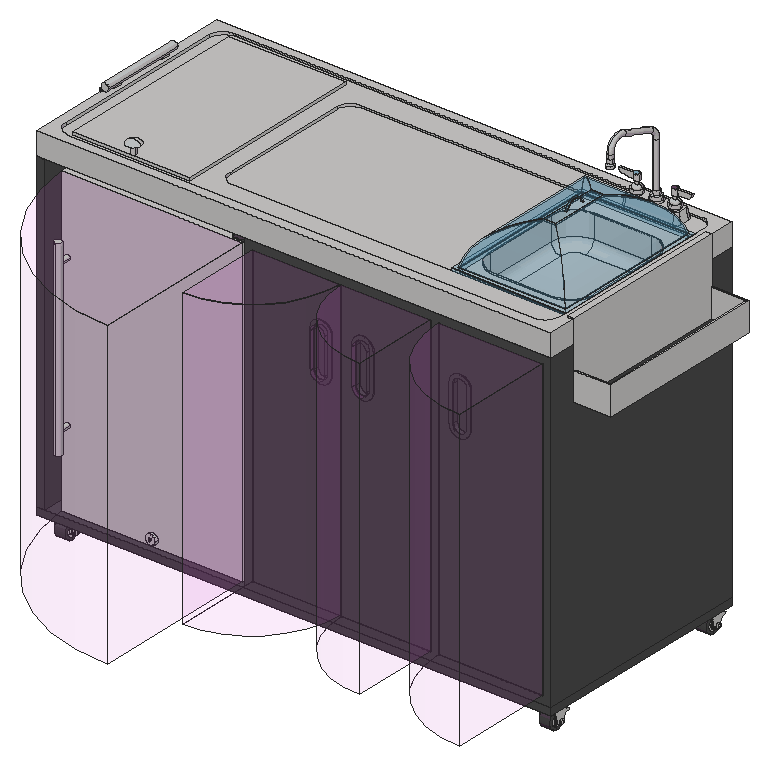
Revit family "QF_Summit_CARTOS54RS_Mobile_Outdoor_Serving_Station_with_Refrigerator", category Specialty Equipment, Revit 2020 (continued)
Automatic sketch dimensions
  curve 169 to curve 168 = 1/2"
  curve 17 to curve 52 = 1.36127"
  curve 168 to curve 17 = 0"
  curve 168 to curve 17 = 0.00258"
  curve 168 to curve 169 = 0"
  curve 170 to curve 171 = 0"
  curve 59 to curve 54 = 0.12794"
  curve 172 to curve 166 = 0.02112"
  curve 165 to curve 40 = 0.00351"
  curve 9 to curve 45 = 0.36948"
  curve 173 to curve 170 = 0.02112"
  curve 169 to curve 52 = 0.00351"
  curve 17 to curve 57 = 0.36948"
  cut or joined group of Extrusion 1, Extrusion 11, Extrusion 12 to Split face 2 sketch curve = 1/16"
  Split face 2 sketch curve to Split face 2 sketch curve = 3/8"
  Split face 2 sketch curve to cut or joined group of Extrusion 1, Extrusion 11, Extrusion 12 = 1 7/8"
  Split face 2 sketch curve to cut or joined group of Extrusion 1, Extrusion 11, Extrusion 12 = 2 1/16"
  cut or joined group of Extrusion 1, Extrusion 11, Extrusion 12 to Split face 3 sketch curve = 1 5/16"
  Split face 3 sketch curve to Split face 3 sketch curve = 3/8"
  Split face 3 sketch curve to cut or joined group of Extrusion 1, Extrusion 11, Extrusion 12 = 1 7/8"
  Split face 3 sketch curve to cut or joined group of Extrusion 1, Extrusion 11, Extrusion 12 = 2 1/16"
  cut or joined group of Extrusion 1, Extrusion 11, Extrusion 12 to Split face 4 sketch curve = 2 9/16"
  Split face 4 sketch curve to Split face 4 sketch curve = 3/8"
  Split face 4 sketch curve to cut or joined group of Extrusion 1, Extrusion 11, Extrusion 12 = 1 7/8"
  Split face 4 sketch curve to cut or joined group of Extrusion 1, Extrusion 11, Extrusion 12 = 2 1/16"
  cut or joined group of Extrusion 1, Extrusion 11, Extrusion 12 to Split face 5 sketch curve = 3 13/16"
  Split face 5 sketch curve to Split face 5 sketch curve = 3/8"
  Split face 5 sketch curve to cut or joined group of Extrusion 1, Extrusion 11, Extrusion 12 = 1 7/8"
  Split face 5 sketch curve to cut or joined group of Extrusion 1, Extrusion 11, Extrusion 12 = 2 1/16"
  cut or joined group of Extrusion 1, Extrusion 11, Extrusion 12 to Split face 6 sketch curve = 5 1/16"
  Split face 6 sketch curve to Split face 6 sketch curve = 3/8"
  Split face 6 sketch curve to cut or joined group of Extrusion 1, Extrusion 11, Extrusion 12 = 1 7/8"
  Split face 6 sketch curve to cut or joined group of Extrusion 1, Extrusion 11, Extrusion 12 = 2 1/16"
  Split face 7 sketch curve to cut or joined group of Extrusion 1, Extrusion 11, Extrusion 12 = 1 7/8"
  cut or joined group of Extrusion 1, Extrusion 11, Extrusion 12 to Split face 7 sketch curve = 6 5/16"
  Split face 7 sketch curve to Split face 7 sketch curve = 3/8"
  Split face 7 sketch curve to cut or joined group of Extrusion 1, Extrusion 11, Extrusion 12 = 2 1/16"
  cut or joined group of Extrusion 1, Extrusion 11, Extrusion 12 to Split face 8 sketch curve = 5 9/16"
  Split face 8 sketch curve to Split face 8 sketch curve = 3/8"
  Split face 8 sketch curve to cut or joined group of Extrusion 1, Extrusion 11, Extrusion 12 = 1 7/8"
  Split face 8 sketch curve to cut or joined group of Extrusion 1, Extrusion 11, Extrusion 12 = 2 1/16"
  cut or joined group of Extrusion 1, Extrusion 11, Extrusion 12 to Split face 9 sketch curve = 4 5/16"
  Split face 9 sketch curve to Split face 9 sketch curve = 3/8"
  Split face 9 sketch curve to cut or joined group of Extrusion 1, Extrusion 11, Extrusion 12 = 1 7/8"
  Split face 9 sketch curve to cut or joined group of Extrusion 1, Extrusion 11, Extrusion 12 = 2 1/16"
  cut or joined group of Extrusion 1, Extrusion 11, Extrusion 12 to Split face 10 sketch curve = 3 1/16"
  Split face 10 sketch curve to Split face 10 sketch curve = 3/8"
  Split face 10 sketch curve to cut or joined group of Extrusion 1, Extrusion 11, Extrusion 12 = 1 7/8"
  Split face 10 sketch curve to cut or joined group of Extrusion 1, Extrusion 11, Extrusion 12 = 2 1/16"
  cut or joined group of Extrusion 1, Extrusion 11, Extrusion 12 to Split face 11 sketch curve = 1 13/16"
  Split face 11 sketch curve to Split face 11 sketch curve = 3/8"
  Split face 11 sketch curve to cut or joined group of Extrusion 1, Extrusion 11, Extrusion 12 = 1 7/8"
  Split face 11 sketch curve to cut or joined group of Extrusion 1, Extrusion 11, Extrusion 12 = 2 1/16"
  cut or joined group of Extrusion 1, Extrusion 11, Extrusion 12 to Split face 12 sketch curve = 9/16"
  cut or joined group of Extrusion 1, Extrusion 11, Extrusion 12 to Split face 12 sketch curve = 3/16"
  Split face 12 sketch curve to cut or joined group of Extrusion 1, Extrusion 11, Extrusion 12 = 1 7/8"
  Split face 12 sketch curve to cut or joined group of Extrusion 1, Extrusion 11, Extrusion 12 = 2 1/16"
  curve 65 to plane 13 = 0"
  plane 1 "BACK" to curve 25 = 0"
  curve 25 to plane 4 "RIGHT" = 0"
  curve 27 to plane 4 "RIGHT" = 0"
  plane 5 "FRONT" to curve 96 = 0"
  curve 26 to plane 3 "LEFT" = 0"
  curve 83 to plane 3 "LEFT" = 0"
  curve 39 to plane 3 "LEFT" = 0"
  curve 71 to plane 13 = 1/8"
  curve 72 to plane 4 "RIGHT" = 1/8"
  plane 4 "RIGHT" to curve 68 = 1/2"
  curve 27 to curve 95 = 7/8"
  curve 65 to curve 31 = 1/2"
  curve 37 to curve 153 = 11/16"
  plane 1 "BACK" to curve 36 = 0.85593"
  curve 30 to curve 36 = 1 1/2"
  curve 33 to plane 5 "FRONT" = 1"
  curve 95 to curve 33 = 1 5/8"
  curve 153 to curve 152 = 2 9/16"
  curve 153 to curve 154 = 2 9/16"
  curve 154 to curve 159 = 4"
  curve 158 to curve 155 = 2"
  curve 152 to curve 150 = 6"
  curve 32 to curve 96 = 7.79303"
  curve 155 to curve 97 = 2 3/8"
  curve 150 to curve 157 = 2 9/16"
  curve 157 to curve 143 = 2 1/16"
  curve 142 to curve 143 = 0"
  curve 135 to curve 139 = 0"
  curve 133 to curve 135 = 0"
  curve 130 to curve 131 = 0"
  curve 157 to curve 111 = 2 1/16"
  curve 109 to curve 111 = 0"  (x2)
  curve 125 to curve 127 = 0"
  curve 121 to curve 123 = 0"
  curve 103 to curve 107 = 0"
  curve 117 to curve 119 = 0"
  plane 7 "Center Y" to curve 98 = 6.24764"
  curve 98 to curve 99 = 2.60353"
  curve 174 to plane 7 "Center Y" = 4 5/16"
  plane 8 "Center X" to curve 111 = 4.08157"
  curve 111 to plane 7 "Center Y" = 8 11/16"
  curve 115 to curve 112 = 0"
  curve 119 to curve 118 = 0"
  curve 106 to curve 107 = 0"
  curve 174 to curve 144 = 4 3/8"
  curve 141 to curve 143 = 0"
  plane 8 "Center X" to curve 123 = 0.33157"
  curve 123 to curve 122 = 0"
  curve 137 to curve 139 = 0"
  curve 127 to curve 126 = 0"
  curve 131 to curve 128 = 0"
  curve 144 to curve 38 = 3/8"
  curve 103 to curve 162 = 3/8"
  curve 100 to curve 101 = 1 1/2"
  curve 86 to plane 5 "FRONT" = 1 5/8"
  curve 101 to curve 86 = 1 11/16"
  curve 85 to curve 89 = 11/16"
  curve 92 to plane 5 "FRONT" = 1 31/32"
  curve 88 to curve 92 = 5 7/16"
  plane 3 "LEFT" to curve 91 = 3 1/8"
  curve 90 to curve 36 = 5/8"
  curve 90 to curve 33 = 5/8"
  curve 36 to curve 85 = 1/16"
  plane 3 "LEFT" to curve 80 = 1 5/8"
  plane 3 "LEFT" to curve 148 = 1"
  plane 3 "LEFT" to curve 149 = 1"
  curve 148 to curve 79 = 1/8"
  curve 77 to plane 3 "LEFT" = 1/8"
  curve 83 to curve 75 = 1/8"
  curve 36 to curve 84 = 0.64407"
  curve 91 to curve 35 = 0.16843"
  curve 31 to curve 65 = 0.45657"
  curve 28 to curve 69 = 1/8"
  plane 1 "BACK" to curve 162 = 3.35593"
  curve 162 to curve 163 = 1 13/16"
  curve 163 to curve 151 = 0"
  curve 103 to curve 111 = 2 1/2"
  curve 104 to curve 104 = 3/8"
  curve 105 to curve 107 = 1/2"
  curve 110 to curve 110 = 3/8"
  plane 8 "Center X" to curve 79 = 4.58157"
  curve 112 to curve 112 = 3/8"
  curve 79 to curve 73 = 1.00954"
  curve 112 to curve 115 = 1/2"
  curve 73 to curve 75 = 3/4"
  curve 118 to curve 118 = 3/8"
  curve 116 to curve 119 = 1/2"
  curve 120 to curve 120 = 3/8"
  curve 126 to plane 8 "Center X" = 0.04343"
  curve 126 to curve 127 = 1/2"
  curve 130 to curve 130 = 3/8"
  curve 128 to curve 131 = 1/2"
  curve 132 to curve 132 = 3/8"
  curve 159 to plane 8 "Center X" = 2.66843"
  curve 77 to plane 8 "Center X" = 2.67796"
  curve 133 to curve 135 = 1/2"
  curve 76 to curve 78 = 3/4"
  curve 138 to curve 138 = 3/8"
  curve 153 to plane 8 "Center X" = 3.91843"
  curve 78 to curve 81 = 1"
  curve 137 to curve 139 = 1/2"
  curve 140 to curve 140 = 3/8"
  curve 141 to curve 143 = 1/2"
  curve 144 to curve 144 = 3/8"
  curve 145 to curve 101 = 3/8"
  curve 70 to plane 5 "FRONT" = 2 15/16"
  curve 70 to curve 66 = 1/8"
  curve 88 to curve 86 = 11/16"
  curve 34 to curve 93 = 3/16"
  curve 84 to curve 33 = 5/8"
  plane 5 "FRONT" to curve 99 = 4 19/32"
  curve 174 to curve 98 = 1/16"
  plane 5 "FRONT" to curve 96 = 5 7/16"
  curve 96 to curve 95 = 0"
  curve 30 to curve 147 = 0.2523"
  curve 147 to curve 161 = 0.44346"
  curve 152 to curve 151 = 1.66504"
  curve 151 to curve 161 = 0.00559"
  curve 151 to curve 163 = 0.62545"
  curve 161 to curve 160 = 0.62565"
  curve 158 to curve 158 = 7/8"
  curve 160 to curve 163 = 0.94908"
  curve 160 to curve 162 = 0.45615"
  curve 98 to curve 97 = 0"
  curve 99 to curve 174 = 0"
  curve 88 to curve 92 = 0.66659"
  curve 78 to curve 26 = 0.89527"
  curve 76 to curve 78 = 0"
  plane 3 "LEFT" to curve 75 = 0.89527"
  curve 73 to curve 75 = 0"
  curve 161 to curve 151 = 1 13/16"
  curve 160 to curve 161 = 0"
  curve 65 to curve 147 = 0.54343"
  curve 31 to curve 152 = 1/2"
  curve 73 to curve 39 = 0.00954"
  curve 154 to curve 37 = 0.50954"
  curve 71 to curve 29 = 3/16"
  radius of Extrusion 9 sketch curve = 7/8"
  radius of Extrusion 29 sketch curve = 3/8"
  radius of Extrusion 11 sketch curve to Extrusion 1 = 0"  (x2)
Nested families (in)
  nested 1: "2.5 INCHES_CASTER" at (-3.5625, -1.93248, 0), type "2.5 INCHES_CASTER"
    with Type Mark "", Specification by User "", Revision Code "", Item Number "", Installed By "", Identify Quantity as Lot yes, Furnished By "", Foodservice Equipment Identifier yes, 2.5 Inches Caster yes
  nested 2: "2.5 INCHES_CASTER" at (47.1875, -1.93248, 0), type "2.5 INCHES_CASTER"
    with Type Mark "", Specification by User "", Revision Code "", Item Number "", Installed By "", Identify Quantity as Lot yes, Furnished By "", Foodservice Equipment Identifier yes, 2.5 Inches Caster yes
  nested 3: "2.5 INCHES_CASTER" at (-3.5625, -22.43248, 0), type "2.5 INCHES_CASTER"
    with Type Mark "", Specification by User "", Revision Code "", Item Number "", Installed By "", Identify Quantity as Lot yes, Furnished By "", Foodservice Equipment Identifier yes, 2.5 Inches Caster yes
  nested 4: "2.5 INCHES_CASTER" at (47.1875, -22.43248, 0), type "2.5 INCHES_CASTER"
    with Type Mark "", Specification by User "", Revision Code "", Item Number "", Installed By "", Identify Quantity as Lot yes, Furnished By "", Foodservice Equipment Identifier yes, 2.5 Inches Caster yes
  nested 5: "Summit_Faucet" at (45.5, -1.0625, 38.25) x (-1, 0, 0) z (0, 0, 1), type "Summit_Faucet"
    with Type Mark "", Specification by User "", Revision Code "", Item Number "", Installed By "", Identify Quantity as Lot yes, Furnished By "", Foodservice Equipment Identifier yes
  nested 6: "Summit_SPR196OSADALHD" at (16.5, -5.875, 3.25) x (-1, 0, 0) z (0, 0, 1), type "Summit_SPR196OSADALHD"
    with Show Clearance yes
  nested 7: "SPR488BOSADA_Door" at (-4.12266, -7.23811, 3.25), visible <- "Show RHD", type "SPR488BOSADA_Door"
    with Show Logo yes, Show Clearance yes
  nested 8: "SPR488BOSADA_Door" at (18.12266, -7.23811, 3.25) x (-1, 0, 0) z (0, 0, 1), visible <- "Show LHD", type "SPR488BOSADA_Door"
    with Show Logo yes, Show Clearance yes
Definition of nested family "2.5 INCHES_CASTER"
  Parameters (values of type "2.5 INCHES_CASTER")
    Weight = ""
    URL Manufacturer = ""
    URL Cutsheet = ""
    URL = ""
    Type Mark [instance] = ""
    Specification by User [instance] = ""
    Specification by Manufacturer = ""
    Serial Number = ""
    Seismic Rating = ""
    SMACNA No = ""
    Revision Code [instance] = ""
    Omniclass Number and Title = ""
    NAFEM Spec ID Number = ""
    Model = ""
    MasterSpec. = ""
    Manufacturer = ""
    Item Number [instance] = ""
    Installed By [instance] = ""
    Identify Quantity as Lot [instance] = yes
    Furnished By [instance] = ""
    Foodservice Equipment Identifier [instance] = yes
    Description = ""
    Default Elevation = 0"
    CSI MasterFormat = ""
    CSI Master Format = ""
    Assembly Code = ""
    2.5 Inches Caster [instance] = yes
  Reference planes (in)
    plane 1: z = 0
    plane 2 "RIGHT": x = 0
    plane 3 "FRONT": y = 0
    plane 4 "TOP": z = 2.5
  Forms (in)
    Revolve 1, solid, visible <- "2.5 Inches Caster"
      sketch origin (-1.93794, 0.83816, -1.0041) x (1, 0, 0) y (0, 0, 1)
        loop
          line (0.74055, 1.92597) -> (0.74055, 1.85047) -> (0.79055, 1.80047) -> (0.85055, 1.80047) -> (0.85055, 1.6804) -> (1.235, 1.6804) -> (1.235, 1.61305) -> (1.38673, 1.52545) -> (1.4003, 1.4416) -> (1.34375, 1.4416) -> (1.34375, 1.3166) -> (1.375, 1.3166) -> (1.375, 1.0041) -> (2.48438, 1.0041) -> (2.48438, 1.3166) -> (2.51563, 1.3166) -> (2.51563, 1.4416) -> (2.45908, 1.4416) -> (2.47322, 1.52897) -> (2.62438, 1.61624) -> (2.62438, 1.6804) -> (3.04007, 1.6804) -> (3.04007, 1.80047) -> (3.10007, 1.80047) -> (3.15007, 1.85047) -> (3.15007, 1.92597) -> (0.74055, 1.92597)
        axis (0.74055, 1.92597) -> (3.15007, 1.92597)
      angle from 0 to 360
    Extrusion 2, solid, visible <- "2.5 Inches Caster"
      sketch origin (-1.93794, 1.80294, -3.2541) x (0, 1, 0) y (0, 0, 1)
        loop
          line (-0.64294, 5.43229) -> (-0.64294, 5.55298) -> (-2.21294, 5.55298) -> (-2.21294, 5.30272) -> (-1.81966, 5.30272)
          arc (-1.81966, 5.30272) -> (-1.13638, 5.20789) -> (-0.46376, 5.05475) r 8.02767
          arc (-0.46376, 5.05475) -> (-0.19511, 4.95469) -> (0.05138, 4.80832) r 1.60049
          line (0.05138, 4.80832) -> (0.12713, 4.91318)
          arc (0.12713, 4.91318) -> (-0.07255, 5.06376) -> (-0.29048, 5.18644) r 1.8753
          line (-0.29048, 5.18644) -> (-0.22239, 5.30423)
          arc (-0.22239, 5.30423) -> (-0.42776, 5.38437) -> (-0.64294, 5.43229) r 1.44292
      from 1.17357 to 2.70231
    Revolve 3, solid, visible <- "2.5 Inches Caster"
      sketch origin (0, 2.10856, -3.75) x (0, 1, 0) y (0, 0, 1)
        loop
          line (-1.73858, 6.25) -> (-1.73858, 6.04889) -> (-1.05793, 6.04889) -> (-1.05793, 6.25) -> (-1.73858, 6.25)
        axis (-1.73858, 6.04889) -> (-1.73858, 6.25)
      angle from 0 to 360
    Extrusion 4, solid, visible <- "2.5 Inches Caster"
      sketch origin (-1.98481, 1.80294, -1.7541) x (0, 1, 0) y (0, 0, 1)
        loop
          line (-2.21294, 4.05298) -> (-2.21294, 3.80272) -> (-2.13999, 3.80272)
          arc (-2.13999, 3.80272) -> (-1.62379, 3.51899) -> (-1.39241, 2.97729) r 0.90292
          arc (-1.39241, 2.97729) -> (-1.36136, 2.78161) -> (-1.29729, 2.59413) r 1.15385
          arc (-1.29729, 2.59413) -> (-0.94802, 2.37355) -> (-0.6121, 2.61396) r 0.37001
          arc (-0.6121, 2.61396) -> (-0.59625, 2.66241) -> (-0.58446, 2.712) r 0.61695
          arc (-0.58446, 2.712) -> (-0.36134, 3.11665) -> (0.05609, 3.31484) r 0.75313
          line (0.05609, 3.31484) -> (0.12713, 3.41318)
          arc (0.12713, 3.41318) -> (-0.07255, 3.56376) -> (-0.29048, 3.68644) r 1.8753
          line (-0.29048, 3.68644) -> (-0.22239, 3.80423)
          arc (-0.22239, 3.80423) -> (-0.42776, 3.88437) -> (-0.64294, 3.93229) r 1.44292
          line (-0.64294, 3.93229) -> (-0.64294, 4.05298) -> (-2.21294, 4.05298)
      from 2.74918 to 2.90825
    Extrusion 5, solid, visible <- "2.5 Inches Caster"
      sketch origin (1.98481, 1.80294, -1.7541) x (0, 1, 0) y (0, 0, -1)
        loop
          line (-2.21294, -4.05298) -> (-0.64294, -4.05298) -> (-0.64294, -3.93229)
          arc (-0.64294, -3.93229) -> (-0.42776, -3.88437) -> (-0.22239, -3.80423) r 1.44292
          line (-0.22239, -3.80423) -> (-0.29048, -3.68644)
          arc (-0.29048, -3.68644) -> (-0.07255, -3.56376) -> (0.12713, -3.41318) r 1.8753
          line (0.12713, -3.41318) -> (0.05609, -3.31484)
          arc (0.05609, -3.31484) -> (-0.36134, -3.11665) -> (-0.58446, -2.712) r 0.75313
          arc (-0.58446, -2.712) -> (-0.59625, -2.66241) -> (-0.6121, -2.61396) r 0.61695
          arc (-0.6121, -2.61396) -> (-0.94802, -2.37355) -> (-1.29729, -2.59413) r 0.37001
          arc (-1.29729, -2.59413) -> (-1.36136, -2.78161) -> (-1.39241, -2.97729) r 1.15385
          arc (-1.39241, -2.97729) -> (-1.62379, -3.51899) -> (-2.13999, -3.80272) r 0.90292
          line (-2.13999, -3.80272) -> (-2.21294, -3.80272) -> (-2.21294, -4.05298)
      from 2.74918 to 2.90825
  Lines and regions (in)
    symbolic lines, visible <- "2.5 Inches Caster"
      curve 1: line (0.10651, 1.96132, 0) -> (0.80944, 1.55548, 0)
      curve 2: line (-0.89349, 0.22927, 0) -> (0.10651, 1.96132, 0)
      curve 3: line (-0.19056, -0.17657, 0) -> (-0.89349, 0.22927, 0)
      curve 4: line (0.80944, 1.55548, 0) -> (-0.19056, -0.17657, 0)
  Dimensions and locks (in)
    plane 4 "TOP" to level = 2 1/2"  (x2)
    aligned and locked: level to plane 1
Definition of nested family "Summit_Faucet"
  Parameters (values of type "Summit_Faucet")
    Weight = ""
    URL Manufacturer = ""
    URL Cutsheet = ""
    URL = ""
    Type Mark [instance] = ""
    Specification by User [instance] = ""
    Specification by Manufacturer = ""
    Serial Number = ""
    Seismic Rating = ""
    SMACNA No = ""
    Revision Code [instance] = ""
    Omniclass Number and Title = ""
    NAFEM Spec ID Number = ""
    Model = ""
    MasterSpec. = ""
    Manufacturer = ""
    Item Number [instance] = ""
    Installed By [instance] = ""
    Identify Quantity as Lot [instance] = yes
    Furnished By [instance] = ""
    Foodservice Equipment Identifier [instance] = yes
    Default Elevation = 0"
    CSI MasterFormat = ""
    CSI Master Format = ""
  Reference planes (in)
    plane 1 "BACK": y = 0
    plane 2: z = 0
    plane 3 "LEFT": x = 0
    plane 4 "RIGHT": x = 6
    plane 5 "FRONT": y = -2
    plane 6 "TOP": z = 9.5
    plane 7: x = 3
    plane 8: x = 1
    plane 9: x = 5
    plane 10: z = 6.75
    plane 11: y = -1
    plane 12: y = -7
  Forms (in)
    Blend 1, solid
      base sketch origin (0, 0, 0) x (1, 0, 0) y (0, 1, 0)
        loop
          arc (0.5, 0) -> (0.14645, -0.14645) -> (0, -0.5) r 0.5
          line (0, -0.5) -> (0, -1.5)
          arc (0, -1.5) -> (0.14645, -1.85355) -> (0.5, -2) r 0.5
          line (0.5, -2) -> (5.5, -2)
          arc (5.5, -2) -> (5.85355, -1.85355) -> (6, -1.5) r 0.5
          line (6, -1.5) -> (6, -0.5)
          arc (6, -0.5) -> (5.85355, -0.14645) -> (5.5, 0) r 0.5
          line (5.5, 0) -> (0.5, 0)
      top sketch origin (0, 0, 0) x (1, 0, 0) y (0, 1, 0)
        loop
          line (5.5, -0.25) -> (0.5, -0.25)
          arc (0.5, -0.25) -> (0.32322, -0.32322) -> (0.25, -0.5) r 0.25
          line (0.25, -0.5) -> (0.25, -1.5)
          arc (0.25, -1.5) -> (0.32322, -1.67678) -> (0.5, -1.75) r 0.25
          line (0.5, -1.75) -> (5.5, -1.75)
          arc (5.5, -1.75) -> (5.67678, -1.67678) -> (5.75, -1.5) r 0.25
          line (5.75, -1.5) -> (5.75, -0.5)
          arc (5.75, -0.5) -> (5.67678, -0.32322) -> (5.5, -0.25) r 0.25
      from 0 to 1
    Extrusion 2, solid
      sketch origin (0, -0.09496, -3.5) x (1, 0, 0) y (0, 0, 1)
        loop
          line (4.82421, 6.36488) -> (4.82421, 5.7908) -> (5.75768, 5.80403) -> (6.42048, 5.89366)
          arc (6.42048, 5.89366) -> (6.70947, 6.05462) -> (6.82421, 6.36488) r 0.47687
          line (6.82421, 6.36488) -> (4.82421, 6.36488)
      from 0.77919 to 1.02919
    Revolve 3, solid
      sketch origin (-4.03517, -1, 0) x (1, 0, 0) y (0, 0, 1)
        loop
          line (5.03934, 1) -> (5.03934, 3.02505)
          arc (5.03934, 3.02505) -> (4.87585, 2.98746) -> (4.76133, 2.86488) r 0.2869
          line (4.76133, 2.86488) -> (4.76133, 2.2908) -> (4.87917, 2.2908) -> (4.87917, 1.83261)
          arc (4.87917, 1.83261) -> (4.65407, 1.74222) -> (4.60414, 1.50485) r 0.25731
          line (4.60414, 1.50485) -> (4.45379, 1.50485) -> (4.45379, 1.1768) -> (4.53934, 1.1768) -> (4.53934, 1) -> (5.03934, 1)
        axis (5.03934, 1) -> (5.03934, 3.02505)
      angle from 0 to 360
    Revolve 4, solid
      sketch origin (10.03517, -0.99916, 0) x (-1, 0, 0) y (0, 0, -1)
        loop
          line (5.03934, -1) -> (4.53934, -1) -> (4.53934, -1.1768) -> (4.45379, -1.1768) -> (4.45379, -1.50485) -> (4.60414, -1.50485)
          arc (4.60414, -1.50485) -> (4.65407, -1.74222) -> (4.87917, -1.83261) r 0.25731
          line (4.87917, -1.83261) -> (4.87917, -2.2908) -> (4.76133, -2.2908) -> (4.76133, -2.86488)
          arc (4.76133, -2.86488) -> (4.87585, -2.98746) -> (5.03934, -3.02505) r 0.2869
          line (5.03934, -3.02505) -> (5.03934, -1)
        axis (5.03934, -1) -> (5.03934, -3.02505)
      angle from 0 to 360
    Extrusion 5, solid
      sketch origin (6, -0.09496, -3.5) x (-1, 0, 0) y (0, 0, -1)
        loop
          line (4.82421, -6.36488) -> (6.82421, -6.36488)
          arc (6.82421, -6.36488) -> (6.70947, -6.05462) -> (6.42048, -5.89366) r 0.47687
          line (6.42048, -5.89366) -> (5.75768, -5.80403) -> (4.82421, -5.7908) -> (4.82421, -6.36488)
      from 0.77919 to 1.02919
    Revolve 6, solid
      sketch origin (0, -7, 0) x (1, 0, 0) y (0, 0, 1)
        loop
          line (3, 7.59291) -> (2.75, 7.59291) -> (2.75, 7.16874) -> (2.625, 6.95223) -> (2.625, 6.75) -> (3, 6.75) -> (3, 7.59291)
        axis (3, 6.75) -> (3, 7.59291)
      angle from 0 to 360
    Sweep 7, solid
      path origin (3, 0, 0) x (0, 1, 0) y (0, 0, 1)
        loop
          line (-7, 7.59291) -> (-7, 8.04139)
          arc (-7, 8.04139) -> (-6.46697, 9.06533) -> (-5.32247, 9.21601) r 1.25
          line (-5.32247, 9.21601) -> (-1.75198, 7.91645)
          arc (-1.75198, 7.91645) -> (-1.20668, 7.49803) -> (-1, 6.84252) r 1.14286
          line (-1, 6.84252) -> (-1, 2)
      profile origin (3, -7, 7.81715) x (0, -1, 0) y (1, 0, 0)
        loop
          circle (0, 0) r 0.25
    Revolve 8, solid
      sketch origin (8.03517, -0.9375, -3.5) x (-1, 0, 0) y (0, 0, -1)
        loop
          line (5.03934, -4.5) -> (4.40363, -4.5) -> (4.40363, -4.67045) -> (4.50358, -4.67045) -> (4.50358, -5.02398) -> (4.68786, -5.13038) -> (4.68786, -5.5) -> (5.03934, -5.5) -> (5.03934, -4.5)
        axis (5.03934, -4.5) -> (5.03934, -5.5)
      angle from 0 to 360
  Cuts and joins
    joined: Revolve 6, Sweep 7
  Lines and regions (in)
    symbolic lines
      curve 1: line (2.67337, -7.08919, 0) -> (2.67337, -1, 0)
      curve 2: line (3.29837, -7.08919, 0) -> (3.29837, -1, 0)
      curve 3: arc (3.29837, -1, 0) -> (2.98587, -0.6875, 0) -> (2.67337, -1, 0) r 0.3125
      curve 4: arc (3.29837, -1.40113, 0) -> (2.98587, -0.49151, 0) -> (2.67337, -1.40113, 0) r 0.50849
      curve 5: arc (3.29837, -1.5749, 0) -> (3.01791, -0.35019, 0) -> (2.67337, -1.55844, 0) r 0.6486
      curve 6: line (4.38304, -0.63916, 0) -> (5.00804, -0.27831, 0)
      curve 7: line (5.00804, -0.27831, 0) -> (5.63304, -0.63916, 0)
      curve 8: line (5.63304, -0.63916, 0) -> (5.63304, -1.26764, 0)
      curve 9: line (4.38304, -1.36084, 0) -> (4.38304, -0.63916, 0)
      curve 10: line (5.00804, -1.72169, 0) -> (4.38304, -1.36084, 0)
      curve 11: line (5.23435, -1.59103, 0) -> (5.00804, -1.72169, 0)
      curve 12: arc (5.53526, -1.17341, 0) -> (4.61465, -0.60851, 0) -> (5.18402, -1.52636, 0) r 0.555
      curve 13: arc (5.28147, -0.74178, 0) -> (4.74077, -0.73099, 0) -> (4.75156, -1.27169, 0) r 0.375
      curve 14: arc (4.75156, -1.27169, 0) -> (4.84744, -1.34648, 0) -> (4.96221, -1.38665, 0) r 0.375
      curve 15: arc (5.23435, -1.59103, 0) -> (5.11621, -1.46497, 0) -> (4.96221, -1.38665, 0) r 0.5
      curve 16: line (5.22231, -1.58455, 0) -> (6.43111, -2.61867, 0)
      curve 17: arc (6.43111, -2.61867, 0) -> (6.60796, -2.59971, 0) -> (6.62691, -2.42286, 0) r 0.14168
      curve 18: line (5.58934, -1.21683, 0) -> (6.62691, -2.42286, 0)
      curve 19: arc (5.39644, -0.95243, 0) -> (5.47064, -1.10086, 0) -> (5.58934, -1.21683, 0) r 0.5
      curve 20: arc (5.39644, -0.95243, 0) -> (5.35626, -0.83766, 0) -> (5.28147, -0.74178, 0) r 0.375
      curve 21: line (1.62658, -0.63916, 0) -> (1.00158, -0.27831, 0)
      curve 22: line (1.62658, -1.36084, 0) -> (1.62658, -0.63916, 0)
      curve 23: line (1.00158, -1.72169, 0) -> (1.62658, -1.36084, 0)
      curve 24: line (0.77192, -1.58909, 0) -> (1.00158, -1.72169, 0)
      curve 25: line (0.77192, -1.58909, 0) -> (-0.42292, -2.61705, 0)
      curve 26: arc (-0.61721, -2.42277, 0) -> (-0.59834, -2.59818, 0) -> (-0.42292, -2.61705, 0) r 0.1406
      curve 27: line (0.42029, -1.21683, 0) -> (-0.61721, -2.42277, 0)
      curve 28: arc (0.42029, -1.21683, 0) -> (0.53899, -1.10086, 0) -> (0.61319, -0.95243, 0) r 0.5
      curve 29: arc (1.04741, -1.38665, 0) -> (0.89898, -1.46086, 0) -> (0.78301, -1.57955, 0) r 0.5
      curve 30: arc (1.04741, -1.38665, 0) -> (1.16218, -1.34648, 0) -> (1.25806, -1.27169, 0) r 0.375
      curve 31: arc (1.25806, -1.27169, 0) -> (1.26885, -0.73099, 0) -> (0.72816, -0.74178, 0) r 0.375
      curve 32: arc (0.72816, -0.74178, 0) -> (0.65337, -0.83766, 0) -> (0.61319, -0.95243, 0) r 0.375
      curve 33: circle (1.00158, -1, 0) r 0.225 normal (0, 0, 1)
      curve 34: line (1.00158, -0.27831, 0) -> (0.37658, -0.63916, 0)
      curve 35: line (0.37658, -0.63916, 0) -> (0.37658, -1.26764, 0)
      curve 36: arc (0.82561, -1.52636, 0) -> (1.39498, -0.60851, 0) -> (0.47437, -1.17341, 0) r 0.555
      curve 37: arc (2.67337, -6.68325, 0) -> (2.98587, -7.60148, 0) -> (3.29837, -6.68325, 0) r 0.51229
      curve 38: arc (2.67337, -7.08919, 0) -> (2.98587, -7.40169, 0) -> (3.29837, -7.08919, 0) r 0.3125
      curve 39: line (3.29837, -2, 0) -> (5.51871, -2, 0)
      curve 40: line (6, -1.5, 0) -> (6, -0.5, 0)
      curve 41: line (5.5, 0, 0) -> (0.5, 0, 0)
      curve 42: line (0, -0.5, 0) -> (0, -1.5, 0)
      curve 43: line (0.5, -2, 0) -> (2.67337, -2, 0)
      curve 44: line (0.58489, -1.75, 0) -> (2.67337, -1.75, 0)
      curve 45: line (3.29837, -1.75, 0) -> (5.41571, -1.75, 0)
      curve 46: line (0.5, -0.25, 0) -> (5.5, -0.25, 0)
      curve 47: arc (5.75, -0.5, 0) -> (5.67678, -0.32322, 0) -> (5.5, -0.25, 0) r 0.25
      curve 48: arc (0.5, -0.25, 0) -> (0.32322, -0.32322, 0) -> (0.25, -0.5, 0) r 0.25
      curve 49: line (0.25, -1.41477, 0) -> (0.25, -0.5, 0)
      curve 50: line (5.75, -0.5, 0) -> (5.75, -1.40358, 0)
      curve 51: line (0.05911, -1.63665, 0) -> (0, -1.5, 0)
      curve 52: line (0.5, -2, 0) -> (0.35546, -1.94739, 0)
      curve 53: line (5.64118, -1.94289, 0) -> (5.51871, -2, 0)
      curve 54: line (5.94504, -1.63028, 0) -> (6, -1.5, 0)
      curve 55: arc (5.5, 0, 0) -> (5.85355, -0.14645, 0) -> (6, -0.5, 0) r 0.5
      curve 56: arc (0, -0.5, 0) -> (0.14645, -0.14645, 0) -> (0.5, 0, 0) r 0.5
      curve 57: circle (4.99842, -1, 0) r 0.225 normal (0, 0, -1)
  Dimensions and locks (in)
    equal spacing: plane 4 "RIGHT", plane 7, plane 3 "LEFT"
    plane 6 "TOP" to plane 2 = 9 1/2"
    aligned and locked: level to plane 2
  Automatic sketch dimensions
    Blend 1 sketch curve to plane 3 "LEFT" = 0"
    plane 5 "FRONT" to Blend 1 sketch curve = 0"
    plane 1 "BACK" to Blend 1 sketch curve = 0"
    Blend 1 sketch curve to plane 4 "RIGHT" = 0"
    plane 3 "LEFT" to Blend 1 sketch curve = 1/2"  (x2)
    Blend 1 sketch curve to plane 4 "RIGHT" = 1/2"  (x3)
    plane 1 "BACK" to Blend 1 sketch curve = 1/2"  (x2)
    plane 3 "LEFT" to Blend 1 sketch curve = 1/4"
    Blend 1 sketch curve to Blend 1 sketch curve = 1/4"  (x3)
    Blend 1 sketch curve to plane 5 "FRONT" = 1/4"
    plane 9 to Extrusion 2 sketch curve = 45/256"
    Extrusion 2 sketch curve to plane 4 "RIGHT" = 0.24232"
    plane 4 "RIGHT" to Extrusion 2 sketch curve = 0.34735"
    plane 4 "RIGHT" to Extrusion 2 sketch curve = 0.42048"
    Extrusion 2 sketch curve to plane 10 = 3.88512"
    Extrusion 2 sketch curve to Extrusion 2 sketch curve = 0.47687"
    Extrusion 2 sketch curve to Extrusion 2 sketch curve = 0.08963"
    Extrusion 2 sketch curve to Extrusion 2 sketch curve = 0.57408"
    plane 8 to Extrusion 5 sketch curve = 45/256"
    plane 3 "LEFT" to Extrusion 5 sketch curve = 0.24232"
    Extrusion 5 sketch curve to plane 3 "LEFT" = 0.34735"
    Extrusion 5 sketch curve to plane 3 "LEFT" = 0.42048"
    Extrusion 5 sketch curve to plane 10 = 3.88512"
    Extrusion 5 sketch curve to Extrusion 5 sketch curve = 0.47687"
    Extrusion 5 sketch curve to Extrusion 5 sketch curve = 0.08963"
    Extrusion 5 sketch curve to Extrusion 5 sketch curve = 0.57408"
    Revolve 6 sketch curve to plane 10 = 0"
    plane 7 to Revolve 6 sketch curve = 0"  (x2)
    Revolve 6 sketch curve to Revolve 6 sketch curve = 1/4"
    Revolve 6 sketch curve to Revolve 6 sketch curve = 1/8"
    plane 10 to Revolve 6 sketch curve = 0.20223"
    Revolve 6 sketch curve to Revolve 6 sketch curve = 0.21651"
    Revolve 6 sketch curve to Revolve 6 sketch curve = 0.42418"
    Revolve 6 sketch curve to Revolve 6 sketch curve = 0.09934"
    Revolve 6 sketch curve to Revolve 6 sketch curve = 0.33586"
    plane 7 to Revolve 8 sketch curve = 0.63154"
    Revolve 8 sketch curve to Revolve 8 sketch curve = 0.09994"
    Revolve 8 sketch curve to Revolve 8 sketch curve = 0.18428"
    Revolve 8 sketch curve to plane 7 = 0.00417"  (x2)
    Revolve 8 sketch curve to plane 10 = 3.2092"
    Revolve 8 sketch curve to plane 10 = 4 3/4"
    Revolve 8 sketch curve to Revolve 8 sketch curve = 0.5408"
    Revolve 8 sketch curve to Revolve 8 sketch curve = 0.36962"
    Revolve 8 sketch curve to Revolve 8 sketch curve = 0.1064"
    Revolve 8 sketch curve to Revolve 8 sketch curve = 0.35353"
    Revolve 8 sketch curve to Revolve 8 sketch curve = 0.17045"
    Revolve 3 sketch curve to plane 8 = 0.0161"
    Revolve 3 sketch curve to plane 8 = 0.156"
    Revolve 3 sketch curve to plane 8 = 0.18399"
    Revolve 3 sketch curve to Revolve 3 sketch curve = 0.11783"
    Revolve 3 sketch curve to Revolve 3 sketch curve = 0.24704"
    Revolve 3 sketch curve to plane 8 = 0.49583"
    Revolve 3 sketch curve to Revolve 3 sketch curve = 0.08555"
    plane 8 to Revolve 3 sketch curve = 0.00417"  (x2)
    level to Revolve 3 sketch curve = 1"
    Revolve 3 sketch curve to Revolve 3 sketch curve = 0.1768"
    Revolve 3 sketch curve to Revolve 3 sketch curve = 0.32805"
    Revolve 3 sketch curve to Revolve 3 sketch curve = 0.07197"
    Revolve 3 sketch curve to Revolve 3 sketch curve = 0.45819"
    Revolve 3 sketch curve to Revolve 3 sketch curve = 1/4"
    Revolve 3 sketch curve to Revolve 3 sketch curve = 0.19807"
    Revolve 3 sketch curve to Revolve 3 sketch curve = 0.12601"
    plane 10 to Revolve 3 sketch curve = 0.2908"
    Revolve 4 sketch curve to plane 9 = 0.0161"
    Revolve 4 sketch curve to plane 9 = 0.156"
    Revolve 4 sketch curve to plane 9 = 0.18399"
    Revolve 4 sketch curve to plane 9 = 0.27384"
    Revolve 4 sketch curve to Revolve 4 sketch curve = 0.24704"
    Revolve 4 sketch curve to plane 9 = 0.49583"
    Revolve 4 sketch curve to Revolve 4 sketch curve = 0.08555"
    plane 9 to Revolve 4 sketch curve = 0.00417"  (x2)
    level to Revolve 4 sketch curve = 1"
    Revolve 4 sketch curve to Revolve 4 sketch curve = 0.1768"
    Revolve 4 sketch curve to Revolve 4 sketch curve = 0.32805"
    Revolve 4 sketch curve to Revolve 4 sketch curve = 0.07197"
    Revolve 4 sketch curve to Revolve 4 sketch curve = 0.45819"
    Revolve 4 sketch curve to Revolve 4 sketch curve = 1/4"
    Revolve 4 sketch curve to Revolve 4 sketch curve = 0.19807"
    Revolve 4 sketch curve to Revolve 4 sketch curve = 0.12601"
    plane 10 to Revolve 4 sketch curve = 0.2908"
    curve 3 to curve 4 = 0"  (x2)
    curve 30 to curve 32 = 0"  (x2)
    curve 33 to curve 36 = 0"  (x2)
    curve 37 to curve 38 = 0"  (x2)
    curve 47 to curve 55 = 0"  (x2)
    curve 48 to curve 56 = 0"  (x2)
    curve 42 to plane 3 "LEFT" = 0"
    plane 5 "FRONT" to curve 43 = 0"
    plane 1 "BACK" to curve 56 = 0"
    curve 36 to plane 11 = 0"
    curve 3 to plane 11 = 0"
    plane 5 "FRONT" to curve 39 = 0"
    curve 57 to plane 11 = 0"
    curve 12 to plane 11 = 0"
    curve 54 to plane 4 "RIGHT" = 0"
    curve 26 to plane 3 "LEFT" = 0.42292"
    curve 26 to curve 25 = 0.07599"
    curve 27 to curve 26 = 0.11829"
    plane 3 "LEFT" to curve 51 = 0.05911"
    plane 3 "LEFT" to curve 28 = 0.13506"
    curve 56 to curve 49 = 1/4"
    curve 52 to plane 5 "FRONT" = 0.05261"
    plane 3 "LEFT" to curve 52 = 91/256"
    curve 49 to curve 35 = 0.12658"
    curve 35 to curve 28 = 0.04371"
    curve 28 to curve 36 = 0.05408"
    curve 52 to curve 43 = 37/256"
    curve 48 to curve 46 = 1/4"
    curve 43 to curve 44 = 0.08489"
    plane 11 to curve 28 = 0.04757"
    curve 36 to curve 28 = 0.13882"
    curve 28 to curve 32 = 0.11497"
    curve 24 to plane 8 = 0.22808"
    curve 24 to curve 29 = 0.01109"
    curve 29 to curve 36 = 0.0426"
    curve 32 to plane 8 = 0.01747"
    plane 8 to curve 36 = 0.00158"
    plane 8 to curve 21 = 0.00158"
    plane 8 to curve 23 = 0.00158"
    plane 8 to curve 31 = 0.00369"
    plane 8 to curve 30 = 0.04741"
    plane 8 to curve 29 = 0.19367"
    curve 29 to curve 31 = 0.21065"
    plane 8 to curve 22 = 0.62658"
    curve 1 to plane 12 = 0.08919"
    curve 1 to plane 7 = 0.32663"
    curve 37 to plane 7 = 0.01413"
    plane 7 to curve 5 = 0.00083"
    plane 9 to curve 6 = 0.61696"
    plane 9 to curve 13 = 0.24844"
    plane 9 to curve 15 = 0.18405"
    plane 9 to curve 15 = 0.03779"
    plane 9 to curve 57 = 0.00158"
    plane 11 to curve 13 = 0.00384"
    curve 13 to plane 9 = 0.00594"
    curve 11 to plane 9 = 0.00804"
    curve 7 to plane 9 = 0.00804"
    curve 13 to curve 12 = 0.00211"
    curve 12 to curve 20 = 0.01905"
    curve 20 to curve 14 = 0"
    curve 12 to plane 9 = 0.18402"
    curve 12 to curve 16 = 0.0383"
    curve 16 to curve 15 = 0.01204"
    curve 13 to plane 9 = 0.28147"
    plane 11 to curve 19 = 0.04757"
    curve 13 to curve 19 = 0.11497"
    curve 11 to curve 45 = 0.18136"
    curve 41 to plane 4 "RIGHT" = 1/2"
    curve 45 to curve 39 = 0.103"
    curve 12 to plane 11 = 0.17341"
    curve 20 to curve 12 = 0.13882"
    curve 12 to curve 19 = 0.05408"
    curve 18 to curve 8 = 0.04371"
    curve 53 to plane 5 "FRONT" = 0.05711"
    curve 39 to curve 53 = 0.12247"
    curve 19 to plane 4 "RIGHT" = 0.12544"
    curve 54 to plane 4 "RIGHT" = 0.05496"
    plane 4 "RIGHT" to curve 17 = 0.43111"
    curve 16 to curve 17 = 0.07667"
    curve 17 to curve 18 = 0.11914"
    plane 12 to curve 37 = 0.31675"
    plane 5 "FRONT" to curve 17 = 0.61867"
    plane 5 "FRONT" to curve 26 = 0.61705"
    curve 17 to curve 17 = 0.11914"
    curve 25 to curve 26 = 0.11829"
    curve 15 to plane 5 "FRONT" = 0.13522"
    curve 29 to plane 5 "FRONT" = 0.13522"
    curve 29 to curve 24 = 0.14309"
    curve 15 to curve 10 = 0.14309"
    curve 52 to curve 51 = 0.31074"
    curve 45 to curve 5 = 0.1751"
    curve 44 to curve 5 = 0.19156"
    curve 51 to curve 51 = 0.13665"
    curve 54 to curve 54 = 0.13028"
    curve 5 to curve 4 = 0.15731"
    curve 9 to plane 11 = 0.36084"
    curve 22 to plane 11 = 0.36084"
    curve 29 to curve 30 = 0.11497"
    curve 14 to curve 13 = 0.11497"
    plane 11 to curve 21 = 0.36084"
    plane 11 to curve 6 = 0.36084"
    curve 8 to curve 47 = 0.13916"
    curve 34 to curve 48 = 0.13916"
    plane 1 "BACK" to curve 34 = 0.27831"
    plane 1 "BACK" to curve 7 = 0.27831"
    Sweep 7 sketch curve to profile plane = 0"  (x2)
    Sweep 7 sketch curve to plane 12 = 0"
    Sweep 7 sketch curve to plane 11 = 0"
    plane 12 to Sweep 7 sketch curve = 1 1/4"
    Sweep 7 sketch curve to plane 6 "TOP" = 0.28399"
    Sweep 7 sketch curve to Sweep 7 sketch curve = 0.42753"
    plane 5 "FRONT" to Sweep 7 sketch curve = 0.14286"
    Sweep 7 sketch curve to plane 5 "FRONT" = 0.24802"
    plane 10 to Sweep 7 sketch curve = 1.16645"
    Sweep 7 sketch curve to Sweep 7 sketch curve = 0.44847"
    level to Sweep 7 sketch curve = 2"
    radius of curve 33 = 0.225"
    radius of curve 57 = 0.225"
    radius of Sweep 7 sketch curve = 1/4"
Definition of nested family "Summit_SPR196OSADALHD"
  Parameters (values of type "Summit_SPR196OSADALHD")
    Show Clearance [instance] = yes
    Model = "SPR196OSADA"
    Manufacturer = "Summit"
    Length = 19"
    Height = 32 3/8"
    Description = "Indoor/Outdoor Beverage Cooler, ADA Compliant"
    Depth = 17"
    Default Elevation = 0"
  Reference planes (in)
    plane 1: z = 0
    plane 2 "LEFT": x = 0
    plane 3 "RIGHT": x = 19
    plane 4 "FRONT": y = -17.75
    plane 5 "TOP": z = 32.375
    plane 6 "Center Y": x = 9.5
    plane 7 "Center X": y = -9.25
    plane 8 "BACK": y = -0.75
    plane 9: y = -19.375
    plane 10: y = -16.125
    plane 11: y = -16.41209
    plane 12: z = 0.5
    plane 13: y = -0.9375
    plane 14: y = -35.49996
    plane 15: z = 32.5
  Forms (in)
    Extrusion 1, solid
      sketch origin (22.25, -2.96287, 24.25) x (0, 1, 0) y (-1, 0, 0)
        loop
          line (2.02537, 22.25) -> (-13.16213, 22.25) -> (-13.16213, 3.25) -> (2.02537, 3.25) -> (2.02537, 22.25)
      from -23.75 to 8.125
    Extrusion 2, solid
      sketch origin (22.25, -2.96287, 24.25) x (0, 1, 0) y (-1, 0, 0)
        loop
          line (-13.16213, 22.25) -> (-13.44922, 22.25) -> (-13.44922, 3.25) -> (-13.16213, 3.25) -> (-13.16213, 22.25)
      from -23.75 to 8.125
    Extrusion 3, solid
      sketch origin (22.25, -2.96287, 24.25) x (0, 1, 0) y (-1, 0, 0)
        loop
          line (2.02537, 3.25) -> (2.11287, 3.25)
          arc (2.11287, 3.25) -> (2.18358, 3.27929) -> (2.21287, 3.35) r 0.1
          line (2.21287, 3.35) -> (2.21287, 22.15)
          arc (2.21287, 22.15) -> (2.18358, 22.22071) -> (2.11287, 22.25) r 0.1
          line (2.11287, 22.25) -> (2.02537, 22.25) -> (2.02537, 3.25)
      from -23.75 to 8.125
    Extrusion 4, void
      sketch origin (22.25, -2.96287, 24.25) x (0, 1, 0) y (-1, 0, 0)
        loop
          line (-13.44922, 4.75) -> (-0.59963, 4.75)
          arc (-0.59963, 4.75) -> (-0.42285, 4.82322) -> (-0.34963, 5) r 0.25
          line (-0.34963, 5) -> (-0.34963, 20.5)
          arc (-0.34963, 20.5) -> (-0.42285, 20.67678) -> (-0.59963, 20.75) r 0.25
          line (-0.59963, 20.75) -> (-13.44922, 20.75) -> (-13.44922, 4.75)
      from -22 to 6.5
    Extrusion 5, solid
      sketch origin (0, 0, 7) x (1, 0, 0) y (0, 1, 0)
        loop
          line (1.5, -9.59375) -> (17.5, -9.59375) -> (17.5, -3.5625) -> (1.5, -3.5625) -> (1.5, -9.59375)
      from 16 to 16.25
    Extrusion 6, solid
      sketch origin (23.88, 0, 0) x (0, 1, 0) y (0, 0, 1)
        loop
          line (-12.25, 30) -> (-5.81931, 28.75) -> (-3.3125, 28.75) -> (-3.3125, 30.75) -> (-12.25, 30.75) -> (-12.25, 30)
      from -19.63 to -9.13
    Revolve 7, solid
      sketch origin (-74.8943, -14.85392, 32) x (1, 0, 0) y (0, 0, 1)
        loop
          line (76.73805, -31.625) -> (76.73805, -31.5) -> (76.4568, -31.5) -> (76.4568, -32) -> (77.19926, -32) -> (77.19926, -31.625) -> (76.73805, -31.625)
        axis (76.4568, -32) -> (76.4568, -31.5)
      angle from 0 to 360
    Revolve 8, solid
      sketch origin (93.8943, -14.85392, 32) x (-1, 0, 0) y (0, 0, -1)
        loop
          line (76.73805, 31.625) -> (77.19926, 31.625) -> (77.19926, 32) -> (76.4568, 32) -> (76.4568, 31.5) -> (76.73805, 31.5) -> (76.73805, 31.625)
        axis (76.4568, 32) -> (76.4568, 31.5)
      angle from 0 to 360
    Revolve 9, solid
      sketch origin (-74.8943, -2.04142, 32) x (1, 0, 0) y (0, 0, 1)
        loop
          line (76.73805, -31.625) -> (76.73805, -31.5) -> (76.4568, -31.5) -> (76.4568, -32) -> (77.19926, -32) -> (77.19926, -31.625) -> (76.73805, -31.625)
        axis (76.4568, -32) -> (76.4568, -31.5)
      angle from 0 to 360
    Revolve 10, solid
      sketch origin (93.8943, -2.04142, 32) x (-1, 0, 0) y (0, 0, -1)
        loop
          line (76.73805, 31.625) -> (77.19926, 31.625) -> (77.19926, 32) -> (76.4568, 32) -> (76.4568, 31.5) -> (76.73805, 31.5) -> (76.73805, 31.625)
        axis (76.4568, 32) -> (76.4568, 31.5)
      angle from 0 to 360
    Extrusion 11, solid
      sketch origin (0, -0.75, 0) x (1, 0, 0) y (0, 0, 1)
        loop
          circle (16, 1.41109) r 0.25
      from 0.24762 to 0
  Cuts and joins
    Extrusion 4 cuts Extrusion 1
    joined: Extrusion 1, Extrusion 6
    Extrusion 4 cuts Extrusion 2
  Lines and regions (in)
    symbolic lines
      curve 1: arc (0.35, -0.75, 0) -> (0.27929, -0.77929, 0) -> (0.25, -0.85, 0) r 0.1
      curve 2: line (0.25, -0.85, 0) -> (0.25, -0.9375, 0)
      curve 3: line (18.875, -0.9375, 0) -> (18.875, -0.85, 0)
      curve 4: arc (18.875, -0.85, 0) -> (18.84571, -0.77929, 0) -> (18.775, -0.75, 0) r 0.1
      curve 5: line (18.775, -0.75, 0) -> (0.35, -0.75, 0)
      curve 6: line (0, -0.9375, 0) -> (0, -16.125, 0)
      curve 7: line (0, -16.125, 0) -> (19, -16.125, 0)
      curve 8: line (19, -16.125, 0) -> (19, -0.9375, 0)
      curve 9: line (19, -0.9375, 0) -> (0, -0.9375, 0)
  Dimensions and locks (in)
    equal spacing: plane 2 "LEFT", plane 6 "Center Y", plane 3 "RIGHT"
    "Length": plane 2 "LEFT" to plane 3 "RIGHT"
    equal spacing: plane 4 "FRONT", plane 7 "Center X", plane 8 "BACK"
    "Height": plane 5 "TOP" to level
    plane 3 "RIGHT" to plane 2 "LEFT" = 19"
    plane 5 "TOP" to level = 32 3/8"  (x2)
    "Depth": plane 4 "FRONT" to plane 8 "BACK"
    plane 12 to level = 1/2"
    plane 14 to plane 8 "BACK" = 34.74996"
    plane 10 to plane 8 "BACK" = 15 3/8"
    plane 9 to plane 4 "FRONT" = 1 5/8"
    plane 15 to level = 32 1/2"
    aligned and locked: level to plane 1
    aligned and locked: plane 12 to cut or joined group of Extrusion 1, Extrusion 4, Extrusion 6
    aligned and locked: plane 12 to cut or joined group of Extrusion 2, Extrusion 4
    aligned and locked: plane 5 "TOP" to cut or joined group of Extrusion 2, Extrusion 4
    aligned and locked: plane 5 "TOP" to cut or joined group of Extrusion 1, Extrusion 4, Extrusion 6
    aligned and locked: Extrusion 1 to cut or joined group of Extrusion 2, Extrusion 4
    aligned and locked: cut or joined group of Extrusion 1, Extrusion 4, Extrusion 6 to plane 13
    aligned and locked: cut or joined group of Extrusion 1, Extrusion 4, Extrusion 6 to plane 3 "RIGHT"
  Automatic sketch dimensions
    Extrusion 1 sketch curve to plane 2 "LEFT" = 0"
    plane 10 to Extrusion 1 sketch curve = 0"
    plane 3 "RIGHT" to Extrusion 1 sketch curve = 0"
    plane 8 "BACK" to Extrusion 1 sketch curve = 3/16"
    plane 11 to Extrusion 2 sketch curve = 0"
    plane 10 to Extrusion 2 sketch curve = 0"
    plane 3 "RIGHT" to Extrusion 2 sketch curve = 0"
    plane 2 "LEFT" to Extrusion 2 sketch curve = 0"
    plane 8 "BACK" to Extrusion 3 sketch curve = 0"
    plane 8 "BACK" to Extrusion 3 sketch curve = 0.1"
    Extrusion 3 sketch curve to Extrusion 3 sketch curve = 0.1"
    Extrusion 3 sketch curve to Extrusion 3 sketch curve = 0.0875"
    plane 3 "RIGHT" to Extrusion 3 sketch curve = 0"
    plane 2 "LEFT" to Extrusion 3 sketch curve = 0.1"
    plane 11 to Extrusion 4 sketch curve = 0"
    plane 8 "BACK" to Extrusion 4 sketch curve = 2 13/16"  (x2)
    Extrusion 4 sketch curve to Extrusion 4 sketch curve = 1/4"
    plane 3 "RIGHT" to Extrusion 4 sketch curve = 1 1/2"
    plane 2 "LEFT" to Extrusion 4 sketch curve = 1 3/4"
    plane 2 "LEFT" to Extrusion 5 sketch curve = 1 1/2"
    plane 3 "RIGHT" to Extrusion 5 sketch curve = 1 1/2"
    Extrusion 5 sketch curve to plane 7 "Center X" = 11/32"
    plane 8 "BACK" to Extrusion 5 sketch curve = 2 13/16"
    Revolve 7 sketch curve to plane 12 = 0"  (x2)
    Revolve 7 sketch curve to level = 0"
    plane 2 "LEFT" to Revolve 7 sketch curve = 1 9/16"
    plane 12 to Revolve 7 sketch curve = 1/8"
    Revolve 7 sketch curve to Revolve 7 sketch curve = 9/32"
    Revolve 7 sketch curve to Revolve 7 sketch curve = 0.46121"
    Revolve 7 sketch curve to Revolve 7 sketch curve = 0"
    Revolve 7 sketch curve to plane 12 = 1/4"
    Revolve 8 sketch curve to plane 12 = 0"  (x2)
    Revolve 8 sketch curve to level = 0"
    plane 3 "RIGHT" to Revolve 8 sketch curve = 1 9/16"
    plane 12 to Revolve 8 sketch curve = 1/8"
    Revolve 8 sketch curve to Revolve 8 sketch curve = 9/32"
    Revolve 8 sketch curve to Revolve 8 sketch curve = 0.46121"
    Revolve 8 sketch curve to Revolve 8 sketch curve = 0"
    Revolve 8 sketch curve to plane 12 = 1/4"
    Revolve 9 sketch curve to plane 12 = 0"  (x2)
    Revolve 9 sketch curve to level = 0"
    plane 2 "LEFT" to Revolve 9 sketch curve = 1 9/16"
    plane 12 to Revolve 9 sketch curve = 1/8"
    Revolve 9 sketch curve to Revolve 9 sketch curve = 9/32"
    Revolve 9 sketch curve to Revolve 9 sketch curve = 0.46121"
    Revolve 9 sketch curve to Revolve 9 sketch curve = 0"
    Revolve 9 sketch curve to plane 12 = 1/4"
    Revolve 10 sketch curve to plane 12 = 0"  (x2)
    Revolve 10 sketch curve to level = 0"
    plane 3 "RIGHT" to Revolve 10 sketch curve = 1 9/16"
    plane 12 to Revolve 10 sketch curve = 1/8"
    Revolve 10 sketch curve to Revolve 10 sketch curve = 9/32"
    Revolve 10 sketch curve to Revolve 10 sketch curve = 0.46121"
    Revolve 10 sketch curve to Revolve 10 sketch curve = 0"
    Revolve 10 sketch curve to plane 12 = 1/4"
    Extrusion 6 sketch curve to plane 7 "Center X" = 3"
    plane 8 "BACK" to Extrusion 6 sketch curve = 2 9/16"
    Extrusion 6 sketch curve to Extrusion 6 sketch curve = 3/4"
    plane 7 "Center X" to Extrusion 6 sketch curve = 3.43069"
    Extrusion 6 sketch curve to plane 5 "TOP" = 3 5/8"
    Extrusion 6 sketch curve to plane 5 "TOP" = 2 3/8"
    Extrusion 11 sketch curve to plane 12 = 0.91109"
    plane 3 "RIGHT" to Extrusion 11 sketch curve = 3"
    curve 6 to plane 2 "LEFT" = 0"
    plane 13 to curve 2 = 0"
    plane 8 "BACK" to curve 1 = 0"
    curve 2 to plane 13 = 0.0875"
    plane 2 "LEFT" to curve 2 = 1/4"
    curve 4 to plane 13 = 0.0875"
    plane 3 "RIGHT" to curve 4 = 0.225"
    curve 9 to plane 3 "RIGHT" = 0"
    plane 10 to curve 7 = 0"
    radius of Extrusion 11 sketch curve = 1/4"
Definition of nested family "SPR488BOSADA_Door"
  Parameters (values of type "SPR488BOSADA_Door")
    Show Logo [instance] = yes
    Show Clearance [instance] = yes
    Lenght = 19"
    Height = 13.12527"
    Depth = 1 5/8"
    Default Elevation = 0"
  Reference planes (in)
    plane 1 "Center (Front/Back)": y = -14.76186
    plane 2: z = 0
    plane 3 "Center (Left/Right)": x = 1.62266
    plane 4: x = 20.62266
    plane 5: y = -16.38686
    plane 6: y = -15.57436
    plane 7: x = 11.12266
    plane 8 "Top": z = 13.12527
  Forms (in)
    Extrusion 1, solid
      sketch origin (23.87266, -1.59976, 24.25) x (0, 1, 0) y (-1, 0, 0)
        loop
          line (-13.16213, 4.75) -> (-14.45256, 4.53435)
          arc (-14.45256, 4.53435) -> (-14.60267, 4.44949) -> (-14.66213, 4.28764) r 0.25
          line (-14.66213, 4.28764) -> (-14.66213, 3.5)
          arc (-14.66213, 3.5) -> (-14.58891, 3.32322) -> (-14.41213, 3.25) r 0.25
          line (-14.41213, 3.25) -> (-13.16213, 3.25) -> (-13.16213, 4.75)
      from 8.125 to 8.25
    Extrusion 2, solid
      sketch origin (-73.27164, -15.04898, 32) x (1, 0, 0) y (0, 0, 1)
        loop
          line (74.8943, 0.375) -> (74.8943, -31.5) -> (93.8943, -31.5) -> (93.8943, 0.375) -> (74.8943, 0.375)
      from 0 to 1.33791
    Extrusion 3, solid
      sketch origin (23.87266, -1.59976, 24.25) x (0, 1, 0) y (-1, 0, 0)
        loop
          circle (-16.03713, 21.625) r 0.375
      from -17.625 to 2.25
    Extrusion 4, solid
      sketch origin (1.68516, -19.1318, 32) x (1, 0, 0) y (0, 0, 1)
        loop
          circle (0.56167, -7.5) r 0.25
        loop
          circle (0.56167, -23.25) r 0.25
      from -1.55741 to -2.74491
    Blend 5, solid
      base sketch origin (-73.27164, -16.38689, 32) x (1, 0, 0) y (0, 0, 1)
        loop
          circle (84.3943, -30.75) r 0.5625
      top sketch origin (-73.27164, -16.38689, 32) x (1, 0, 0) y (0, 0, 1)
        loop
          circle (84.3943, -30.75) r 0.5
      from 0 to 0.25369
    Extrusion 6, void
      sketch origin (-73.27164, -16.64058, 32) x (-1, 0, 0) y (0, 0, 1)
        loop
          circle (-84.3943, -30.75) r 0.1875
        loop
          circle (-84.3943, -30.75) r 0.0625
      from 0 to 0.25369
    Extrusion 7, solid, visible <- "Show Clearance"
      sketch origin (1.62266, 1.36311, 0) x (1, 0, 0) y (0, 1, 0)
        loop
          arc (0.00402, -17.75) -> (5.99085, -30.38262) -> (19, -35.49996) r 19
          line (19, -35.49996) -> (19, -17.75) -> (0.00402, -17.75)
      from 0.5 to 32.375
  Cuts and joins
    Extrusion 6 cuts Blend 5
  Lines and regions (in)
    symbolic lines
      curve 1: line (1.62266, -16.38689, 0) -> (20.62266, -16.38689, 0)
      curve 2: circle (2.24766, -17.63689, 0) r 0.375 normal (0, 0, 1)
      curve 3: line (2.49606, -16.38689, 0) -> (2.49606, -17.35596, 0)
      curve 4: line (1.99665, -16.38689, 0) -> (1.99665, -17.35829, 0)
    symbolic lines, visible <- "Show Clearance"
      curve 5: arc (1.62266, -16.38689, 0) -> (2.55385, -21.18762, 0) -> (4.67952, -25.59167, 0) r 19
      curve 6: line (4.67952, -25.59167, 0) -> (20.62266, -16.38689, 0)
  Dimensions and locks (in)
    plane 4 to plane 3 "Center (Left/Right)" = 19"
    equal spacing: plane 3 "Center (Left/Right)", plane 7, plane 4
    "Lenght": plane 3 "Center (Left/Right)" to plane 4
    equal spacing: plane 5, plane 6, plane 1 "Center (Front/Back)"
    "Depth": plane 5 to plane 1 "Center (Front/Back)"
    "Height": plane 8 "Top" to level
    aligned and locked: level to plane 2
  Automatic sketch dimensions
    Extrusion 1 sketch curve to plane 4 = 0"
    plane 5 to Extrusion 1 sketch curve = 0.12496"
    Extrusion 1 sketch curve to Extrusion 1 sketch curve = 0.20957"
    Extrusion 1 sketch curve to Extrusion 1 sketch curve = 1/4"
    Extrusion 1 sketch curve to Extrusion 1 sketch curve = 0.04043"
    plane 1 "Center (Front/Back)" to Extrusion 1 sketch curve = 0.00004"
    Extrusion 1 sketch curve to Extrusion 1 sketch curve = 0.78764"
    Extrusion 1 sketch curve to Extrusion 1 sketch curve = 0.21565"
    Extrusion 2 sketch curve to plane 3 "Center (Left/Right)" = 0"
    Extrusion 2 sketch curve to plane 4 = 0"
    level to Extrusion 2 sketch curve = 1/2"
    plane 8 "Top" to Extrusion 2 sketch curve = 19.24973"
    plane 3 "Center (Left/Right)" to Extrusion 3 sketch curve = 5/8"
    Extrusion 3 sketch curve to plane 5 = 1.25004"
    plane 3 "Center (Left/Right)" to Extrusion 4 sketch curve = 0.62417"  (x2)
    Extrusion 4 sketch curve to plane 8 "Top" = 4.37527"
    plane 8 "Top" to Extrusion 4 sketch curve = 11.37473"
    Blend 5 sketch curve to Extrusion 2 = 3/4"  (x2)
    Blend 5 sketch curve to Extrusion 2 = 9 1/2"  (x2)
    Extrusion 7 sketch curve to plane 4 = 0"
    Extrusion 7 sketch curve to plane 4 = 0.03715"
    Extrusion 7 sketch curve to plane 5 = 0.00004"
    plane 3 "Center (Left/Right)" to Extrusion 7 sketch curve = 0.00402"
    Extrusion 7 sketch curve to Extrusion 7 sketch curve = 17.74996"
    radius of Extrusion 3 sketch curve = 3/8"
    radius of Extrusion 4 sketch curve = 1/4"  (x2)
    radius of Blend 5 sketch curve = 9/16"
    radius of Blend 5 sketch curve = 1/2"
    radius of Extrusion 6 sketch curve to Blend 5 = 5/16"
    radius of Extrusion 6 sketch curve to Blend 5 = 7/16"
